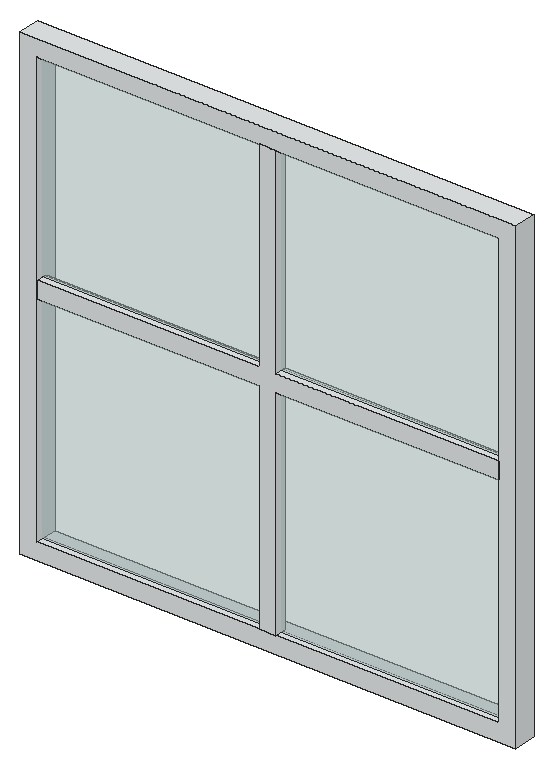
Revit family "CT_Jan_Ext_4Vid", category Windows, host Wall, Revit 2025
Family settings
  Host = Wall
  OmniClass Number = 23.30.20.00
  OmniClass Title = Windows
  Always vertical = Yes
  Cut with Voids When Loaded = No
  Shared = No
  Room Calculation Point = Yes
Parameters (values of type "JAN_220x208_FAC_4PA")
  Material_Vidro = CT_Vidros
  Material_Esquadria = CT_Esquadrias_Aluminio
  Height = 2.080 m
  Espess_Esquadria = 0.075 m
  Define Thermal Properties by = Schematic Type
  Default Sill Height = 0.800 m
  Wall Closure = By host
  Width = 2.200 m
  Analytic Construction = "<None>"
  ALtura_Bandeira = 1.000 m
Types (2, lengths in m): name | Width
  JAN_220x208_FAC_4PA | 2.200
  JAN_230x208_FAC_4PA | 2.300
Reference planes (m)
  plane 1 "Center (Front/Back)": y = 0
  plane 2 "Center (Left/Right)": x = 0
  plane 3 "Left": x = -1.1
  plane 4 "Right": x = 1.1
  plane 5 "Sill": z = 0.8
  plane 6 "Head": z = 2.88
  plane 7 "Exterior": y = 0.05
  plane 8 "Interior": y = -0.05
  plane 9: z = 1.88
Forms (m)
  Extrusion 1, solid, material "CT_Esquadrias_Aluminio" <- "Material_Esquadria"
    sketch origin (0, 0.05, 0) x (1, 0, 0) y (0, 0, 1)
      loop
        line (1.1, 2.88) -> (-1.1, 2.88) -> (-1.1, 0.8) -> (1.1, 0.8) -> (1.1, 2.88)
      loop
        line (1.025, 2.805) -> (-1.025, 2.805) -> (-1.025, 0.875) -> (1.025, 0.875) -> (1.025, 2.805)
    from 0 to 0.1
  Extrusion 2, solid, material "CT_Vidros" <- "Material_Vidro"
    sketch origin (0, 0.05, 0) x (1, 0, 0) y (0, 0, 1)
      loop
        line (1.025, 2.805) -> (0.0375, 2.805) -> (0.0375, 1.9175) -> (1.025, 1.9175) -> (1.025, 2.805)
      loop
        line (-0.0375, 2.805) -> (-1.025, 2.805) -> (-1.025, 1.9175) -> (-0.0375, 1.9175) -> (-0.0375, 2.805)
      loop
        line (-0.0375, 1.8425) -> (-1.025, 1.8425) -> (-1.025, 0.875) -> (-0.0375, 0.875) -> (-0.0375, 1.8425)
      loop
        line (1.025, 1.8425) -> (0.0375, 1.8425) -> (0.0375, 0.875) -> (1.025, 0.875) -> (1.025, 1.8425)
    from 0.060827 to 0.07495
  Extrusion 3, solid, material "CT_Esquadrias_Aluminio" <- "Material_Esquadria"
    sketch origin (0, 0.05, 0) x (1, 0, 0) y (0, 0, 1)
      loop
        line (0.0375, 2.805) -> (-0.0375, 2.805) -> (-0.0375, 1.9175) -> (-1.025, 1.9175) -> (-1.025, 1.8425) -> (-0.0375, 1.8425) -> (-0.0375, 0.875) -> (0.0375, 0.875) -> (0.0375, 1.8425) -> (1.025, 1.8425) -> (1.025, 1.9175) -> (0.0375, 1.9175) -> (0.0375, 2.805)
    from 0.05 to 0.1
Lines and regions (m)
  Opening 1
    outline origin (3.5, -0.05, 0) x (1, 0, 0) y (0, 0, 1)
      loop
        line (-2.4, 0.8) -> (-2.4, 2.88) -> (-4.6, 2.88) -> (-4.6, 0.8) -> (-2.4, 0.8)
Text (m)
  text "EXTERIOR" at (-1.963203, 1.332353, 0), in view "Ref. Level"
  text "INTERIOR" at (-1.981466, -0.818386, 0), in view "Ref. Level"
  text "Exterior" at (0, 0.923751, 2.943296), in view "Right"
  text "Exterior" at (0, 1.040484, 2.685409), in view "Left"
Dimensions and locks (m)
  equal spacing: plane 3 "Left", plane 2 "Center (Left/Right)", plane 4 "Right"  (x2)
  "Width": plane 3 "Left" to plane 4 "Right"
  "Height": plane 5 "Sill" to plane 6 "Head"
  "Default Sill Height": plane 5 "Sill" to level
  locked: plane 7 "Exterior" to host wall
  locked: plane 8 "Interior" to host wall
  "ALtura_Bandeira": plane 9 to plane 6 "Head"
  "Espess_Esquadria": Extrusion 1 to Extrusion 1  (x2)
  locked: Extrusion 2 to Extrusion 2 at 0.014123
  locked: Extrusion 1 to Extrusion 2 at 0.02505
  Extrusion 3 to Extrusion 3 = 0.075 m  (x2)
  locked: Extrusion 3 to Extrusion 3 at 0.075  (x4)
  Extrusion 3 to Extrusion 3 = 0.050 m
  aligned and locked: plane 8 "Interior" to Extrusion 1
  aligned and locked: Extrusion 1 to plane 7 "Exterior"
  aligned and locked: Extrusion 2 sketch curve to Extrusion 1  (x4)
  aligned and locked: Extrusion 3 sketch curve to Extrusion 3 sketch curve
  aligned and locked: Extrusion 2 to Extrusion 1
  aligned and locked: Extrusion 3 to Extrusion 2  (x3)
  aligned and locked: Extrusion 3 to Extrusion 1  (x2)
  aligned and locked: Extrusion 3 to host wall
  aligned and locked: Extrusion 1 to Extrusion 3
Automatic sketch dimensions
  plane 3 "Left" to Opening 1 sketch curve = 0.000 m
  plane 4 "Right" to Opening 1 sketch curve = 0.000 m
  Opening 1 sketch curve to plane 5 "Sill" = 0.000 m
  Opening 1 sketch curve to plane 6 "Head" = 0.000 m
  plane 3 "Left" to Extrusion 1 sketch curve = 0.000 m
  plane 4 "Right" to Extrusion 1 sketch curve = 0.000 m
  Extrusion 1 sketch curve to plane 5 "Sill" = 0.000 m
  Extrusion 1 sketch curve to plane 6 "Head" = 0.000 m
  Extrusion 1 sketch curve to plane 5 "Sill" = 0.075 m
  plane 6 "Head" to Extrusion 1 sketch curve = 0.075 m
  Extrusion 1 sketch curve to plane 3 "Left" = 0.075 m
  plane 4 "Right" to Extrusion 1 sketch curve = 0.075 m
  Extrusion 2 sketch curve to plane 3 "Left" = 0.075 m
  plane 2 "Center (Left/Right)" to Extrusion 2 sketch curve = 0.0375 m  (x2)
  Extrusion 2 sketch curve to plane 2 "Center (Left/Right)" = 0.0375 m  (x2)
  plane 4 "Right" to Extrusion 2 sketch curve = 0.075 m
  Extrusion 2 sketch curve to Extrusion 2 sketch curve = 0.000 m
  Extrusion 2 sketch curve to plane 9 = 0.0375 m  (x2)
  plane 9 to Extrusion 2 sketch curve = 0.0375 m  (x2)
  plane 6 "Head" to Extrusion 2 sketch curve = 0.075 m
  plane 6 "Head" to Extrusion 3 sketch curve = 1.0375 m
  Extrusion 3 sketch curve to plane 3 "Left" = 0.075 m
  Extrusion 3 sketch curve to Extrusion 3 sketch curve = 0.9875 m
  plane 6 "Head" to Extrusion 3 sketch curve = 2.005 m
  Extrusion 3 sketch curve to Extrusion 3 sketch curve = 0.000 m
  Extrusion 3 sketch curve to Extrusion 3 sketch curve = 0.075 m  (x3)
  Extrusion 3 sketch curve to Extrusion 3 sketch curve = 0.8875 m
  Extrusion 3 sketch curve to plane 3 "Left" = 2.125 m
  Extrusion 3 sketch curve to plane 9 = 0.0375 m
